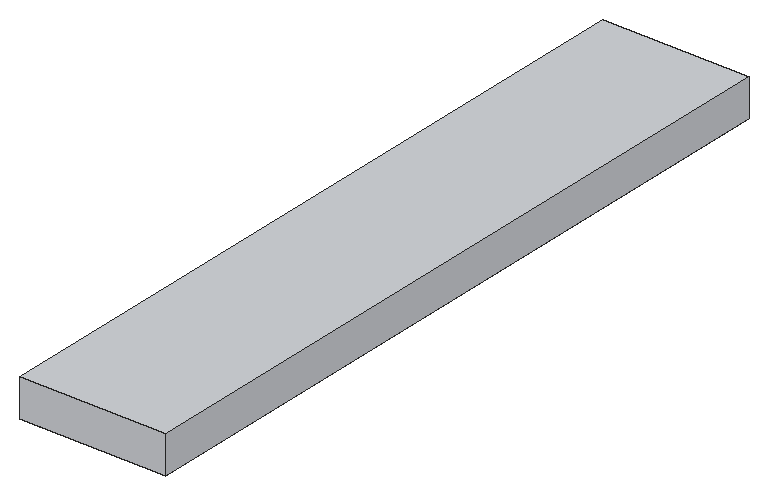
Revit family "ERK9989W_RAD769N", category 照明器具, Revit 2020
Family settings
  丸型コネクタ寸法 = 直径を使用
  パーツ タイプ = 標準
  OmniClass 番号 = 23.80.70.11.14
  OmniClass タイトル = General Luminaries, Directional
  作業面ベース = いいえ
  常に垂直 = はい
  ロード時にボイドで切り取り = はい
  光源 = はい
  共有 = いいえ
  部屋計算ポイント = いいえ
Parameters (values of type "ERK9989W_RAD769N")
  電源種別_記号 = "AC"
  電源種別 = ""
  防災用照明器具電源種別 = ""
  防災用照明器具種類 = ""
  運転質量 = 0.00 kg
  質量 = 0.00 kg
  負荷分類 = 8_照明
  積算_科目2 = "[1_1]照明"
  説明 = "ベースライト 下面開放 40Wタイプ W+220 埋込"
  誘導灯形式 = ""
  誘導灯仕様 = ""
  認定番号 = ""
  設置方法 = ""
  記号 = ""
  製造元 = "株式会社遠藤照明"
  製品質量 = 0.00 kg
  製品出荷対象 = ""
  製品リリース年月 = "2023.04"
  製品グループ = ""
  背面形式 = ""
  系統 [instance] = ""
  符号 = ""
  積算_科目 = "1 電灯設備"
  積算_拾い区分 = ""
  種別 [instance] = ""
  相 = 1
  皮相負荷 = 0 VA
  用途 = "E_一般照明"
  特殊仕様 [instance] = ""
  照明制御装置の種類 = ""
  法定耐用年数 = ""
  極数 = 1
  材質_本体 = none
  材質_反射板 = none
  材質_ルーバー = none
  材質_カバー = none
  材質 = ""
  既定の高さ = 0 mm
  形式 = "ベースライト"
  平均演色評価数(Ra) = 82
  定格消費電力 = 15.4 W
  定格入力電流 = 0 A
  定格入力電圧 = 0 V
  定格入力容量 = 0 VA
  定格光束 = 2501 lm
  安定器_蛍光灯 = ""
  安定器_定格電圧 = 0 V
  安定器_入力電流 = 0 A
  安定器_入力電力 = 0 W
  安定器_二次電圧 = 0 V
  埋込高さ = "58"
  埋込穴寸法 = "220x1235"
  固有エネルギー消費効率(lm/W) = 162.4
  器具サイズ = ""
  呼称 = "ベースライト"
  周波数 = 0 Hz
  参照している仕様書等のバージョン = ""
  分類コード = "40305100000000"
  分類グループ = ""
  公共型番 = "LRS3-4-23"
  傾斜角 = 90.00°
  価格 = 29500
  企業コード = "6932"
  付属品 = ""
  仕様書バージョン = ""
  仕様 = ""
  Wattage = 16.837 W
  built-in parameter 1150110 = 1 (stored number, unit not read)
  built-in parameter 1114217 = 1 (stored number, unit not read)
  built-in parameter 1150109 = 1 (stored number, unit not read)
  built-in parameter 1150134 = 2
  ランプの種類 = "LED"
  ランプ_電流 = 0 A
  ランプ_本数 = 0
  ランプ_定格消費電力 = 0 W
  ランプ_定格消費効率(lm/W) = 0
  ランプ_大きさ = ""
  ランプ_全光束 = 0 lm
  ランプ = "LED"
  モデル = "ERK9989W_RAD769N"
  フォトメトリック Web ファイル = "ERK9989W_RAD769N.IES"
  イメージ(タイプ) = <なし>
  シンボル表示 = yes
  built-in parameter 1150113 = 1 (stored number, unit not read)
  Lumens = 2501 lm
  built-in parameter 1150115 = 1 (stored number, unit not read)
  built-in parameter 1150105 = 199.02 (stored number, unit not read)
  built-in parameter 1150137 = (empty or 0)
  built-in parameter 1150139 = (empty or 0)
  built-in parameter 1150112 = 1 (stored number, unit not read)
  built-in parameter 1150114 = 1 (stored number, unit not read)
  built-in parameter 1150132 = 2
  built-in parameter 1150102 = (empty or 0)
  built-in parameter 1150138 = (empty or 0)
  built-in parameter 1150107 = 5000 (stored number, unit not read)
  built-in parameter 1150106 = 1.9902 (stored number, unit not read)
  built-in parameter 1150104 = 13.8 (stored number, unit not read)
  Dimming Lamp Color Temperature Shift = (empty or 0)
  サービススペース表示 = no
  コメント = ""
  グレア分類 = ""
  Keynote = ""
  Color Filter = 16777215
  built-in parameter 1114218 = 1 (stored number, unit not read)
  built-in parameter 1150133 = 10 (stored number, unit not read)
  カバー形状 = ""
  built-in parameter 1150142 = "IESNA:LM-63-2002\r\n[TEST] ERK9989W_RAD769N  IJA3K(update:11111111)\r\n[MANUFAC] ENDO LIGHTING CORP.\r\n[LUMCAT] ERK9989W_RAD769N\r\n[LAMP] SDseries_2500lmÀ²Ìß_5000K 5000K\r\n[LAMPCAT] SDseries_2500lmÀ²??_5000K 2589 lm x1 5000K\r\nTILT=NONE\r\n1 2589 1.0 19 19 1 2 0 0 0\r\n1 1 0\r\n0 5 10 15 20 25 30 35 40 45 50 55 60 65 70 75 80 85 90 \r\n0 5 10 15 20 25 30 35 40 45 50 55 60 65 70 75 80 85 90 \r\n842.0219 841.844 831.5993 814.4892 790.3715 760.669 725.026 682.1974 634.8513 584.2681 530.8035 474.2798 416.1554 357.6396 297.3595 229.122 156.8862 81.2497\r\n0.792\r\n842.0219 841.3104 830.959 813.9557 789.9091 760.0287 724.4924 681.8061 634.4955 583.8056 530.4478 473.9241 415.6929 357.1061 296.7299 228.8588 156.6159 81.1323\r\n0.7938\r\n842.0219 840.6701 830.4254 813.2086 789.0909 759.2105 723.7454 681.0236 633.5707 582.9163 529.4518 472.9281 414.4479 355.8255 295.5596 227.8877 155.6981 80.7197\r\n0.7965\r\n842.0219 840.2077 829.8563 812.4972 788.3083 758.2501 722.6782 679.8497 632.2189 581.3867 527.6376 471.1495 412.278 353.4279 293.219 226.134 154.1045 79.9549\r\n0.8001\r\n842.0219 839.7808 829.2516 812.0703 787.5613 757.1474 721.8601 678.747 630.7961 579.2169 525.2187 468.2682 409.29 350.1873 289.9784 223.7471 151.8741 78.8308\r\n0.8037\r\n842.0219 838.607 827.971 810.5052 786.1385 755.5466 719.9748 676.9684 628.9108 577.047 522.6931 465.458 405.804 345.9578 286.1082 220.7946 149.1209 77.3439\r\n0.8082\r\n842.0219 837.7177 827.0105 809.2602 784.6089 753.5546 717.378 674.7273 626.2784 573.8099 519.4561 462.221 401.8199 341.1876 281.338 217.1236 145.898 75.4728\r\n0.8127\r\n842.0219 836.9707 826.1924 808.193 783.0793 751.5626 714.7457 672.2729 623.2193 570.3239 515.4009 457.6322 397.2311 336.2396 276.0271 212.2716 142.1168 73.1607\r\n0.8181\r\n842.0219 837.1485 825.9078 807.5527 782.0833 750.1397 712.4335 669.9251 620.4447 566.9801 510.99 452.7588 392.3934 330.7473 270.0901 206.6726 137.9584 70.4145\r\n0.8235\r\n842.0219 837.2552 826.0145 807.3749 781.443 749.037 710.7261 667.4351 618.0969 564.0277 506.8637 447.9922 386.8086 324.7179 263.2497 200.5009 133.359 67.1846\r\n0.8298\r\n842.0219 837.3264 825.9078 806.9124 780.5537 747.792 708.8052 664.8028 616.0337 561.3242 503.6266 443.4034 381.5084 318.4181 256.1388 193.9948 128.4749 63.5278\r\n0.8352\r\n842.0219 837.2552 825.7299 806.6634 779.8422 746.6181 707.0977 662.3839 612.8678 558.9765 500.5674 439.3482 376.5283 312.5701 249.2094 186.9017 123.4522 59.3979\r\n0.8397\r\n842.0219 836.8995 825.1964 805.7386 778.5616 744.9106 705.1413 659.965 609.7375 555.9884 497.864 436.0401 371.6905 306.8074 242.4579 178.7842 117.252 54.8981\r\n0.8397\r\n842.0219 837.2552 825.2675 805.5607 778.0281 744.0925 703.7896 658.2576 607.3898 552.7514 495.3384 433.5144 368.3468 301.8594 236.3395 171.1683 110.689 50.4694\r\n0.8352\r\n842.0219 838.607 826.6192 806.7346 778.8462 744.2704 703.4338 657.3327 606.1448 550.6882 492.3859 431.1667 366.3903 298.2595 230.8472 164.3563 103.1833 46.0976\r\n0.8298\r\n842.0219 838.6781 826.6192 806.5567 778.4905 743.9146 703.1493 656.5501 605.042 549.1586 490.2872 427.8585 363.509 296.5485 227.0695 158.4265 95.4429 41.7045\r\n0.8226\r\n842.0219 838.607 826.3702 806.3077 778.0281 743.0965 702.0821 655.4474 603.5124 547.5579 488.224 425.8665 360.6277 293.13 225.5399 155.321 89.3601 36.2691\r\n0.8154\r\n842.0219 836.7217 824.4849 804.3157 776.036 741.14 700.1968 653.5621 601.556 545.0323 485.4494 422.3449 356.6436 289.1673 221.0401 152.1872 86.3258 30.7348\r\n0.8082\r\n842.0219 833.3779 821.1412 800.7941 772.7279 737.9741 697.1376 650.6807 598.8525 542.6845 482.7459 419.926 354.0575 285.8378 217.4366 148.2814 83.2133 28.8719\r\n0.8046\r\n"
  diameter = 0 mm
  Width = 250 mm
  Version = ""
  Uniclass2015Version = ""
  Uniclass2015Title = ""
  Uniclass2015Code = ""
  URL = "https://www.endo-lighting.co.jp/"
  SpecificationReference = ""
  SpecificationDescription = ""
  Revision = ""
  ProductInformation = ""
  OmniClassCode = "23.80.70.11.14"
  LED制御装置 = ""
  IfcTypeProduct = ""
  IfcProduct = ""
  IfcExportType = ""
  IfcExportAs = "IfcLightFixtureType"
  Height = 64 mm
  Depth = 1254 mm
  Clearance Top = 0 mm
  Clearance Right = 0 mm
  Clearance Left = 0 mm
  Clearance Front = 0 mm
  Clearance Bottom = 0 mm
  Clearance Back = 0 mm
  Author = "遠藤照明"
Reference planes
  plane 1 "光源軸(正面/背面)": y = 0
  plane 2: z = 0
  plane 3 "光源軸(左/右)": x = 0
  plane 4 "光源高さ": z = -5
  plane 5: x = 125
  plane 6: x = -125
  plane 7: y = 627
  plane 8: y = -627
  plane 9: z = 64
  plane 10: z = 0
  plane 11: z = 62
  plane 12: z = -2
Forms (mm)
  Extrusion 1, solid
    sketch origin (0, 0, 0) x (1, 0, 0) y (0, 0, 1)
      loop
        line (-125, 64) -> (-125, 0) -> (125, 0) -> (125, 64) -> (-125, 64)
    from 627 to -627
  Extrusion 2, solid, material "発光面"
    sketch origin (0, 0, 0) x (1, 0, 0) y (0, 0, 1)
      loop
        line (-125, -2) -> (125, -2) -> (125, 0) -> (-125, 0) -> (-125, -2)
    from 627 to -627
  Extrusion 3, void
    sketch origin (-20, -18.5, 0) x (1, 0, 0) y (0, 1, 0)
      loop
        line (-105, -608.5) -> (145, -608.5) -> (145, 645.5) -> (-105, 645.5) -> (-105, -608.5)
    from 64 <- "Height" to 0
Lines and regions (mm)
  symbolic lines, detail levels fine
    curve 1: line (-125, 627, 0) -> (-125, -627, 0)
    curve 2: line (125, -627, 0) -> (125, 627, 0)
    curve 3: line (125, 627, 0) -> (-125, 627, 0)
    curve 4: line (-125, -627, 0) -> (125, -627, 0)
Dimensions and locks
  equal spacing: plane 6, plane 3 "光源軸(左/右)", plane 5
  "Width": plane 6 to plane 5
  equal spacing: plane 8, plane 1 "光源軸(正面/背面)", plane 7
  "Depth": plane 8 to plane 7
  "Height": plane 9 to plane 2
  locked: plane 9 to plane 11 at 2
  plane 10 to plane 4 "光源高さ" = 5 mm
  aligned and locked: plane 3 "光源軸(左/右)" to imposter light
  aligned and locked: plane 1 "光源軸(正面/背面)" to imposter light
  aligned and locked: plane 4 "光源高さ" to imposter light
  aligned and locked: level to plane 2
  aligned and locked: plane 6 to Extrusion 1 sketch curve
  aligned and locked: plane 2 to Extrusion 1 sketch curve
  aligned and locked: plane 5 to Extrusion 1 sketch curve
  aligned and locked: plane 7 to Extrusion 1
  aligned and locked: plane 8 to Extrusion 1
  aligned and locked: plane 7 to Extrusion 2
  aligned and locked: plane 8 to Extrusion 2
  aligned and locked: plane 12 to Extrusion 2 sketch curve
  aligned and locked: plane 6 to Extrusion 2 sketch curve
  aligned and locked: Extrusion 2 sketch curve to Extrusion 1  (x2)
  aligned and locked: Extrusion 3 to Extrusion 1  (x2)
  aligned and locked: Extrusion 3 sketch curve to Extrusion 1
Automatic sketch dimensions
  plane 9 to Extrusion 1 sketch curve = 0 mm
  Extrusion 3 sketch curve to plane 6 = 0 mm
  Extrusion 3 sketch curve to plane 5 = 0 mm
  Extrusion 3 sketch curve to plane 1 "光源軸(正面/背面)" = 627 mm
  curve 1 to plane 7 = 0 mm
  curve 1 to plane 6 = 0 mm
  curve 3 to plane 5 = 0 mm
  plane 8 to curve 2 = 0 mm
Nested families
  nested 1: "symbol_line" at (0, 0, 0) x (0, -1, 0) z (0, 0, 1), visible <- "シンボル表示", type "1/100", detail levels coarse+medium
Connectors
  electrical at (0, 0, 64), driven by "極数", driven by "負荷分類", driven by "皮相負荷", driven by "定格入力電圧"
    settings: on Extrusion 1, index 1, voltage 0 V, apparent load 0 VA, apparent load phase1 0 VA, apparent load phase2 0 VA, apparent load phase3 0 VA, power factor 1, load classification "8_照明", number of poles 1, system type 30, power factor state 1, is connector primary yes, connector utility no, sub classification motor no, connector description ""
Definition of nested family "symbol_line"
  Parameters (values of type "1/100")
    縮尺倍率 = if([縮尺1/50], 1.25, if([縮尺1/100], 1, if([縮尺1/200], 0.8, 0)))  # 1
    縮尺1/50 = no
    縮尺1/200 = no
    縮尺1/100 = yes
    W = 12 mm * 縮尺倍率  # 12 mm
    D = 1.5 mm * 縮尺倍率  # 1.5 mm
  Reference planes
    plane 1: y = 0
    plane 2: x = 0
  Lines and regions (mm)
    Masking region 1
      outline origin (0, 0, 0) x (1, 0, 0) y (0, 1, 0)
        loop
          line (-6, 0.75) -> (-6, -0.75) -> (6, -0.75) -> (6, 0.75) -> (-6, 0.75)
    reference lines
      curve 1: line (-304.8, 0.75, 0) -> (304.8, 0.75, 0)
      curve 2: line (304.8, -0.75, 0) -> (-304.8, -0.75, 0)
      curve 3: line (-6, -304.8, 0) -> (-6, 304.8, 0)
      curve 4: line (6, 304.8, 0) -> (6, -304.8, 0)
      curve 5: line (-6, 0.75, 0) -> (6, 0.75, 0)
      curve 6: line (-6, -0.75, 0) -> (-6, 0.75, 0)
      curve 7: line (6, 0.75, 0) -> (6, -0.75, 0)
    detail lines
      curve 8: line (-6, 0.75, 0) -> (6, 0.75, 0)
      curve 9: line (-6, -0.75, 0) -> (-6, 0.75, 0)
      curve 10: line (6, 0.75, 0) -> (6, -0.75, 0)
      curve 11: line (6, -0.75, 0) -> (-6, -0.75, 0)
  Dimensions and locks
    equal spacing: curve 2, plane 1, curve 1, locked at 0.75 each
    equal spacing: curve 3, plane 2, curve 4, locked at 6 each
    "W": curve 3 to curve 4
    "D": curve 2 to curve 1
    aligned and locked: curve 1 to curve 5
    aligned and locked: curve 3 to curve 6
    aligned and locked: curve 4 to curve 7
    aligned and locked: curve 9 to curve 6
    aligned and locked: curve 10 to curve 7
    aligned and locked: curve 1 to curve 8
    aligned and locked: curve 2 to curve 11
    aligned and locked: Masking region 1 sketch curve to curve 8
    aligned and locked: Masking region 1 sketch curve to curve 10
    aligned and locked: Masking region 1 sketch curve to curve 11
    aligned and locked: Masking region 1 sketch curve to curve 9
  Automatic sketch dimensions
    curve 1 to curve 5 = 298.8 mm
    curve 2 to curve 1 = 0 mm  (x2)
    curve 5 to curve 1 = 298.8 mm
    curve 4 to curve 7 = 304.05 mm
    curve 3 to curve 4 = 0 mm  (x2)
    curve 5 to curve 3 = 304.05 mm
